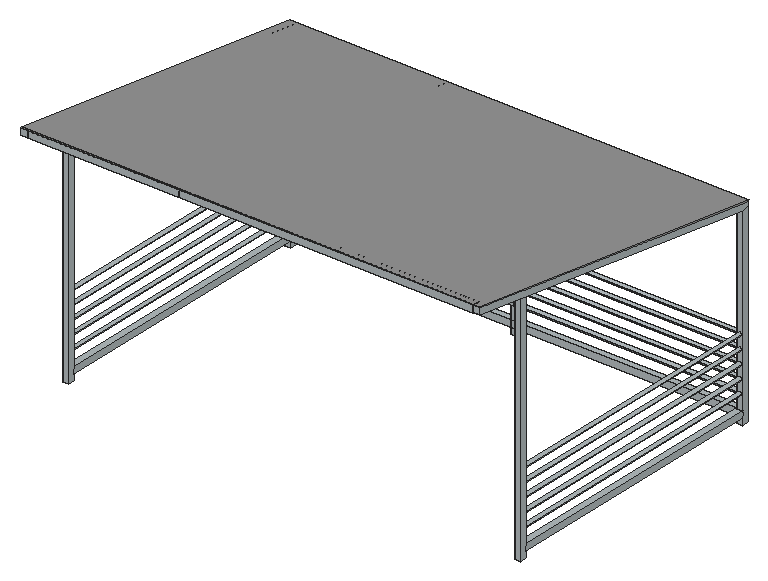
Revit family "8043687 Capella Steel Post Straight Plastic Roof Galvanised – Sunken Foundation", category Furniture, Revit 2020
Family settings
  OmniClass Number = 23.21.23.13.15
  Work Plane-Based = No
  Always vertical = Yes
  Cut with Voids When Loaded = No
  Shared = No
  Room Calculation Point = No
Parameters (values of type "8043687 Plastic")
  Uniclass 1.4 Description = "Furniture"
  Uniclass 1.4 Code = "L8211"
  URL = "https://www.hags.com/"
  QR code = ""
  Product url = "https://www.hags.com/en-us/furniture/park-and-urban-furniture/bicycle-storage/capella-cycle-shed/steel-post-sunken-foundation-straight-tin-roof-jan-2014-galvanised"
  Product name = "Steel Post Straight Plastic Roof Galvanised – Sunken Foundation"
  Product data url = ""
  Product SKU = ""
  Product Guid = "90e49432-c870-4a59-897e-b15016e8f9bd"
  OmniClass Description = ""
  OmniClass Code = "23-21 23 13 15"
  Model = "8043687"
  Manufacturer name = "HAGS"
  Manufacturer = "Hags"
  IFC Classification = "Furniture"
  Edition number = 1
  Description = "Steel Post Straight Plastic Roof Galvanised "  # constant formula
  Default Elevation = 0 mm
  Construction material = Hags - Steel - Galvanized
  Body material_90 = Hags - Steel - Galvanized
  Body material = Hags - Plastic - Transparent
  BIMobject category = "bicycle-storage"
Reference planes
  plane 1 "Center (Front/Back)": y = 0
  plane 2: z = 0
  plane 3 "Center (Left/Right)": x = 0
Forms (mm)
  Extrusion 1, solid, material "Hags - Steel - Galvanized" <- "Construction material"
    sketch origin (0, 0, 0) x (1, 0, 0) y (0, 1, 0)
      loop
        line (2304.823, 1564.875) -> (2244.823, 1564.875) -> (2244.823, 1504.875) -> (2304.823, 1504.875) -> (2304.823, 1564.875)
      loop
        line (2247.823, 1561.875) -> (2247.823, 1507.875) -> (2301.823, 1507.875) -> (2301.823, 1561.875) -> (2247.823, 1561.875)
    from 0 to 1764.748
  Extrusion 2, solid, material "Hags - Steel - Galvanized" <- "Construction material"
    sketch origin (-4140, 0, 0) x (1, 0, 0) y (0, 1, 0)
      loop
        line (2304.823, 1564.875) -> (2244.823, 1564.875) -> (2244.823, 1504.875) -> (2304.823, 1504.875) -> (2304.823, 1564.875)
      loop
        line (2247.823, 1561.875) -> (2247.823, 1507.875) -> (2301.823, 1507.875) -> (2301.823, 1561.875) -> (2247.823, 1561.875)
    from 0 to 1800
  Extrusion 3, solid, material "Hags - Steel - Galvanized" <- "Construction material"
    sketch origin (0, -2540, 0) x (1, 0, 0) y (0, 1, 0)
      loop
        line (2304.823, 1564.875) -> (2244.823, 1564.875) -> (2244.823, 1504.875) -> (2304.823, 1504.875) -> (2304.823, 1564.875)
      loop
        line (2247.823, 1561.875) -> (2247.823, 1507.875) -> (2301.823, 1507.875) -> (2301.823, 1561.875) -> (2247.823, 1561.875)
    from 0 to 2200
  Extrusion 4, solid, material "Hags - Steel - Galvanized" <- "Construction material"
    sketch origin (-4140, -2540, 0) x (1, 0, 0) y (0, 1, 0)
      loop
        line (2304.823, 1564.875) -> (2244.823, 1564.875) -> (2244.823, 1504.875) -> (2304.823, 1504.875) -> (2304.823, 1564.875)
      loop
        line (2247.823, 1561.875) -> (2247.823, 1507.875) -> (2301.823, 1507.875) -> (2301.823, 1561.875) -> (2247.823, 1561.875)
    from 0 to 2200
  Extrusion 5, solid, material "Hags - Steel - Galvanized" <- "Construction material"
    sketch origin (0, 0, 1720) x (1, 0, 0) y (0, 1, 0)
      loop
        line (-1835.177, 1564.875) -> (-1835.177, 1504.875) -> (2244.823, 1504.875) -> (2244.823, 1564.875) -> (-1835.177, 1564.875)
    from 0 to 92.5
  Extrusion 6, solid, material "Hags - Steel - Galvanized" <- "Construction material"
    sketch origin (-1895, 0, 12.5) x (0, 1, 0) y (0, 0, 1)
      loop
        line (-1507.214, 2214.85) -> (1564.875, 1739.285) -> (1564.875, 1800) -> (-1507.214, 2275.565) -> (-1507.214, 2214.85)
    from -8.457 to 60
  Extrusion 7, solid, material "Hags - Steel - Galvanized" <- "Construction material"
    sketch origin (0, 438.948, 1324.714) x (1, 0, 0) y (0, 0.707107, -0.707107)
      loop
        line (-1835.177, 1519.875) -> (2244.823, 1519.875) -> (2244.823, 1549.875) -> (-1835.177, 1549.875) -> (-1835.177, 1519.875)
    from 0 to 30
  Extrusion 8, solid, material "Hags - Steel - Galvanized" <- "Construction material"
    sketch origin (0, 438.948, 1447.14) x (1, 0, 0) y (0, 0.707107, -0.707107)
      loop
        line (-1835.177, 1519.875) -> (2244.823, 1519.875) -> (2244.823, 1549.875) -> (-1835.177, 1549.875) -> (-1835.177, 1519.875)
    from 0 to 30
  Extrusion 9, solid, material "Hags - Steel - Galvanized" <- "Construction material"
    sketch origin (0, 438.948, 1569.64) x (1, 0, 0) y (0, 0.707107, -0.707107)
      loop
        line (-1835.177, 1519.875) -> (2244.823, 1519.875) -> (2244.823, 1549.875) -> (-1835.177, 1549.875) -> (-1835.177, 1519.875)
    from 0 to 30
  Extrusion 10, solid, material "Hags - Steel - Galvanized" <- "Construction material"
    sketch origin (0, 438.948, 1692.14) x (1, 0, 0) y (0, 0.707107, -0.707107)
      loop
        line (-1835.177, 1519.875) -> (2244.823, 1519.875) -> (2244.823, 1549.875) -> (-1835.177, 1549.875) -> (-1835.177, 1519.875)
    from 0 to 30
  Extrusion 11, solid, material "Hags - Steel - Galvanized" <- "Construction material"
    sketch origin (0, 438.948, 1814.64) x (1, 0, 0) y (0, 0.707107, -0.707107)
      loop
        line (-1835.177, 1519.875) -> (2244.823, 1519.875) -> (2244.823, 1549.875) -> (-1835.177, 1549.875) -> (-1835.177, 1519.875)
    from 0 to 30
  Extrusion 12, solid, material "Hags - Steel - Galvanized" <- "Construction material"
    sketch origin (0, 0, 60) x (1, 0, 0) y (0, 1, 0)
      loop
        line (-1835.177, 1564.875) -> (-1835.177, 1504.875) -> (2244.823, 1504.875) -> (2244.823, 1564.875) -> (-1835.177, 1564.875)
    from 0 to 60
  Extrusion 13, solid, material "Hags - Steel - Galvanized" <- "Construction material"
    sketch origin (1178.896, -315.401, 1324.714) x (0, -1, 0) y (0.707107, 0, -0.707107)
      loop
        line (-1820.276, 1519.875) -> (659.724, 1519.875) -> (659.724, 1549.875) -> (-1820.276, 1549.875) -> (-1820.276, 1519.875)
    from 0 to 30
  Extrusion 14, solid, material "Hags - Steel - Galvanized" <- "Construction material"
    sketch origin (1178.896, -315.401, 1447.14) x (0, -1, 0) y (0.707107, 0, -0.707107)
      loop
        line (-1820.276, 1519.875) -> (659.724, 1519.875) -> (659.724, 1549.875) -> (-1820.276, 1549.875) -> (-1820.276, 1519.875)
    from 0 to 30
  Extrusion 15, solid, material "Hags - Steel - Galvanized" <- "Construction material"
    sketch origin (1178.896, -315.401, 1569.64) x (0, -1, 0) y (0.707107, 0, -0.707107)
      loop
        line (-1820.276, 1519.875) -> (659.724, 1519.875) -> (659.724, 1549.875) -> (-1820.276, 1549.875) -> (-1820.276, 1519.875)
    from 0 to 30
  Extrusion 16, solid, material "Hags - Steel - Galvanized" <- "Construction material"
    sketch origin (1178.896, -315.401, 1692.14) x (0, -1, 0) y (0.707107, 0, -0.707107)
      loop
        line (-1820.276, 1519.875) -> (659.724, 1519.875) -> (659.724, 1549.875) -> (-1820.276, 1549.875) -> (-1820.276, 1519.875)
    from 0 to 30
  Extrusion 17, solid, material "Hags - Steel - Galvanized" <- "Construction material"
    sketch origin (1178.896, -315.401, 1814.64) x (0, -1, 0) y (0.707107, 0, -0.707107)
      loop
        line (-1820.276, 1519.875) -> (659.724, 1519.875) -> (659.724, 1549.875) -> (-1820.276, 1549.875) -> (-1820.276, 1519.875)
    from 0 to 30
  Extrusion 18, solid, material "Hags - Steel - Galvanized" <- "Construction material"
    sketch origin (739.949, -315.401, 60) x (0, -1, 0) y (1, 0, 0)
      loop
        line (-1820.276, 1564.875) -> (-1820.276, 1504.875) -> (659.724, 1504.875) -> (659.724, 1564.875) -> (-1820.276, 1564.875)
    from 0 to 60
  Extrusion 19, solid, material "Hags - Steel - Galvanized" <- "Construction material"
    sketch origin (-2960.927, -315.401, 1324.714) x (0, -1, 0) y (0.707107, 0, -0.707107)
      loop
        line (-1820.276, 1519.875) -> (659.724, 1519.875) -> (659.724, 1549.875) -> (-1820.276, 1549.875) -> (-1820.276, 1519.875)
    from 0 to 30
  Extrusion 20, solid, material "Hags - Steel - Galvanized" <- "Construction material"
    sketch origin (-2960.927, -315.401, 1447.14) x (0, -1, 0) y (0.707107, 0, -0.707107)
      loop
        line (-1820.276, 1519.875) -> (659.724, 1519.875) -> (659.724, 1549.875) -> (-1820.276, 1549.875) -> (-1820.276, 1519.875)
    from 0 to 30
  Extrusion 21, solid, material "Hags - Steel - Galvanized" <- "Construction material"
    sketch origin (-2960.927, -315.401, 1569.64) x (0, -1, 0) y (0.707107, 0, -0.707107)
      loop
        line (-1820.276, 1519.875) -> (659.724, 1519.875) -> (659.724, 1549.875) -> (-1820.276, 1549.875) -> (-1820.276, 1519.875)
    from 0 to 30
  Extrusion 22, solid, material "Hags - Steel - Galvanized" <- "Construction material"
    sketch origin (-2960.927, -315.401, 1692.14) x (0, -1, 0) y (0.707107, 0, -0.707107)
      loop
        line (-1820.276, 1519.875) -> (659.724, 1519.875) -> (659.724, 1549.875) -> (-1820.276, 1549.875) -> (-1820.276, 1519.875)
    from 0 to 30
  Extrusion 23, solid, material "Hags - Steel - Galvanized" <- "Construction material"
    sketch origin (-2960.927, -315.401, 1814.64) x (0, -1, 0) y (0.707107, 0, -0.707107)
      loop
        line (-1820.276, 1519.875) -> (659.724, 1519.875) -> (659.724, 1549.875) -> (-1820.276, 1549.875) -> (-1820.276, 1519.875)
    from 0 to 30
  Extrusion 24, solid, material "Hags - Steel - Galvanized" <- "Construction material"
    sketch origin (-3399.875, -315.401, 60) x (0, -1, 0) y (1, 0, 0)
      loop
        line (-1820.276, 1564.875) -> (-1820.276, 1504.875) -> (659.724, 1504.875) -> (659.724, 1564.875) -> (-1820.276, 1564.875)
    from 0 to 60
  Extrusion 25, solid, material "Hags - Steel - Galvanized" <- "Construction material"
    sketch origin (0.177, -3012.088, 2228.119) x (1, 0, 0) y (0, 1, 0)
      loop
        line (-1835.177, 1564.875) -> (-1835.177, 1504.875) -> (2244.823, 1504.875) -> (2244.823, 1564.875) -> (-1835.177, 1564.875)
    from 0 to 60
  Extrusion 26, solid, material "Hags - Steel - Galvanized" <- "Construction material"
    sketch origin (0.177, -2549.912, 2079.994) x (1, 0, 0) y (0, 1, 0)
      loop
        line (-1835.177, 1564.875) -> (-1835.177, 1504.875) -> (2244.823, 1504.875) -> (2244.823, 1564.875) -> (-1835.177, 1564.875)
    from 0 to 60
  Extrusion 27, solid, material "Hags - Steel - Galvanized" <- "Construction material"
    sketch origin (-2070, 0, 0) x (1, 0, 0) y (0, 1, 0)
      loop
        line (2304.823, 1564.875) -> (2244.823, 1564.875) -> (2244.823, 1504.875) -> (2304.823, 1504.875) -> (2304.823, 1564.875)
      loop
        line (2247.823, 1561.875) -> (2247.823, 1507.875) -> (2301.823, 1507.875) -> (2301.823, 1561.875) -> (2247.823, 1561.875)
    from 0 to 1764.748
  Extrusion 28, solid, material "Hags - Steel - Galvanized" <- "Construction material"
    sketch origin (2244.823, 0, 12.5) x (0, 1, 0) y (0, 0, 1)
      loop
        line (-1507.214, 2214.85) -> (1564.875, 1739.285) -> (1564.875, 1800) -> (-1507.214, 2275.565) -> (-1507.214, 2214.85)
    from -8.457 to 60
  Extrusion 29, solid, material "Hags - Steel - Galvanized" <- "Construction material"
    sketch origin (-515.059, 0, 12.5) x (0, 1, 0) y (0, 0, 1)
      loop
        line (-1500.037, 2213.739) -> (1564.875, 1739.285) -> (1564.875, 1800) -> (-1500.037, 2274.454) -> (-1500.037, 2213.739)
    from -8.457 to 60
  Extrusion 30, solid, material "Hags - Steel - Galvanized" <- "Construction material"
    sketch origin (864.882, 0, 12.5) x (0, 1, 0) y (0, 0, 1)
      loop
        line (-1500.037, 2213.739) -> (1564.875, 1739.285) -> (1564.875, 1800) -> (-1500.037, 2274.454) -> (-1500.037, 2213.739)
    from -8.457 to 60
  Extrusion 31, solid, material "Hags - Plastic - Transparent" <- "Body material"
    sketch origin (0, 0, 0) x (0, 1, 0) y (0, 0, 1)
      loop
        line (-1507.214, 2288.119) -> (1564.891, 1812.552) -> (1566.421, 1822.434) -> (-1505.684, 2298.002) -> (-1507.214, 2288.119)
    from -1895.177 to 2304.823
Dimensions and locks
  aligned and locked: level to plane 2
